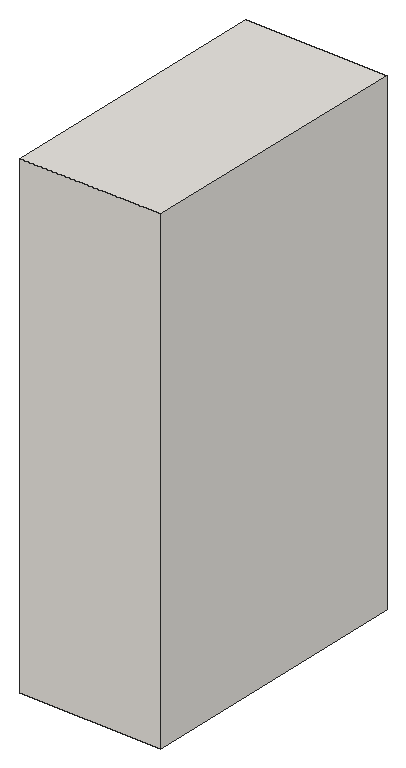
Revit family "Haworth_Worksurface_SupportPanel", category Furniture Systems, Revit 2018
Family settings
  Round Connector Dimension = Use Diameter
  Part Type = Normal
  OmniClass Number = 23.40.70.14.64.21
  OmniClass Title = Systems Furniture
  Work Plane-Based = No
  Always vertical = Yes
  Cut with Voids When Loaded = No
  Shared = No
  Room Calculation Point = No
Parameters (values of type "12d")
  Worksurface Height = 21 9/16"
  Warranty = "http://www.haworth.com/resources/product-info/warranties"
  URL - Product = "http://www.haworth.com/products/workspaces/panel-based/compose"
  URL = "www.haworth.com"
  Worksurface Thickness = 1 3/16"  # constant formula
  Sustainability Info = "http://www.haworth.com/company-info/sustainablility"
  Support Thickness = 6"  # constant formula
  Support Height = Actual Height - Worksurface Thickness  # 20 3/8"
  Support Finish = Haworth _ Laminate _ Linen H-WL
  Size = "Verify Final Dim. w/ Haworth"  # constant formula
  Revision Number = "3"  # constant formula
  Model = "Haworth - Worksurface Support Panel"  # constant formula
  Min/Max Height = "26-32 in."  # constant formula
  Standard Depths = "12, 18, 24, 30 in."  # constant formula
  Min. Height = 26"  # constant formula
  Min. Depth = 12"  # constant formula
  Max. Height = 32"  # constant formula
  Max. Depth = 36"  # constant formula
  Manufacturer = "Haworth"  # constant formula
  Description = "Haworth - Worksurface Support Panel"  # constant formula
  Depth = 12"
  Author = "SHAPE Environments, LLC"  # constant formula
  Assembly Code = "E2020200"
  Actual Top Thickness = if(Worksurface Thickness > 3", 3", if(Worksurface Thickness < 1", 1", Worksurface Thickness))  # 1 3/16"
  Actual Height = 21 9/16"
  Actual Depth = if(Depth > Max. Depth, Max. Depth, if(Depth < Min. Depth, Min. Depth, Depth))  # 12"
Types (3): name | Worksurface Height | Support Height | Support Finish | Depth | Actual Height | Actual Depth
  12d | 21 9/16" | 20 3/8" | Haworth _ Laminate _ Linen H-WL | 12" | 21 9/16" | 12"
  24d | 18" | 24 13/16" | Haworth _ Wood _ White Oak | 24" | 26" | 24"
  36d | 29.19" | 28.0025" | Haworth _ Laminate _ Linen H-WL | 36" | 29.19" | 36"
Reference planes (in)
  plane 1: z = 0
  plane 2 "Center L/R": x = 8.5
  plane 3 "Support Left Edge": x = 5.5
  plane 4 "Support Right Edge": x = 11.5
  plane 5 "Back": y = 7.13569
  plane 6 "Front": y = -4.86431
  plane 7 "Support Top": z = 20.375
  plane 8 "Mid Strut Top": z = 14.125
  plane 9 "Mid Strut Bottom": z = 13.375
  plane 10 "Top Strut Bottom": z = 18.625
  plane 11 "Center F/B": y = 1.13569
Forms (in)
  Extrusion 1, solid, material "Haworth _ Laminate _ Linen H-WL" <- "Support Finish"
    sketch origin (0, 0, 0) x (1, 0, 0) y (0, 1, 0)
      loop
        line (5.5, 7.13569) -> (5.5, -4.86431) -> (11.5, -4.86431) -> (11.5, 7.13569) -> (5.5, 7.13569)
    from 0 to 20.375
Lines and regions (in)
  Masking region 1
    outline origin (0, 0, 0) x (1, 0, 0) y (0, 1, 0)
      loop
        line (5.5, 7.13569) -> (5.5, -4.86431) -> (11.5, -4.86431) -> (11.5, 7.13569) -> (5.5, 7.13569)
  symbolic lines, style "Haworth Hidden", detail levels fine
    curve 1: line (5.5, 7.13569, 0) -> (11.5, 7.13569, 0)
    curve 2: line (5.5, -4.86431, 0) -> (5.5, 7.13569, 0)
    curve 3: line (11.5, -4.86431, 0) -> (5.5, -4.86431, 0)
    curve 4: line (11.5, 7.13569, 0) -> (11.5, -4.86431, 0)
Dimensions and locks (in)
  "Support Thickness": plane 3 "Support Left Edge" to plane 4 "Support Right Edge"
  equal spacing: plane 3 "Support Left Edge", plane 2 "Center L/R", plane 4 "Support Right Edge"
  "Actual Depth": plane 5 "Back" to plane 6 "Front"
  locked: plane 7 "Support Top" to plane 10 "Top Strut Bottom" at 1.75
  "Support Height": plane 7 "Support Top" to level
  plane 7 "Support Top" to plane 9 "Mid Strut Bottom" = 7"
  locked: plane 8 "Mid Strut Top" to plane 9 "Mid Strut Bottom" at 0.75
  equal spacing: plane 5 "Back", plane 11 "Center F/B", plane 6 "Front"
  aligned and locked: plane 3 "Support Left Edge" to Extrusion 1 sketch curve
  aligned and locked: Extrusion 1 sketch curve to plane 5 "Back"
  aligned and locked: plane 6 "Front" to Extrusion 1 sketch curve
  aligned and locked: Extrusion 1 sketch curve to plane 4 "Support Right Edge"
  aligned and locked: plane 7 "Support Top" to Extrusion 1
  aligned: Extrusion 1 to level
  aligned and locked: Extrusion 1 to plane 7 "Support Top"
  aligned and locked: Extrusion 1 to plane 1
  aligned and locked: plane 1 to Extrusion 1
  aligned and locked: Masking region 1 to plane 6 "Front"
Automatic sketch dimensions
  curve 3 to plane 6 "Front" = 0"
  curve 4 to plane 4 "Support Right Edge" = 0"
  curve 1 to plane 3 "Support Left Edge" = 0"
  curve 1 to plane 5 "Back" = 0"
  Masking region 1 sketch curve to plane 3 "Support Left Edge" = 0"
  Masking region 1 sketch curve to plane 4 "Support Right Edge" = 0"
  Masking region 1 sketch curve to plane 5 "Back" = 0"
  Masking region 1 sketch curve to plane 6 "Front" = 0"
